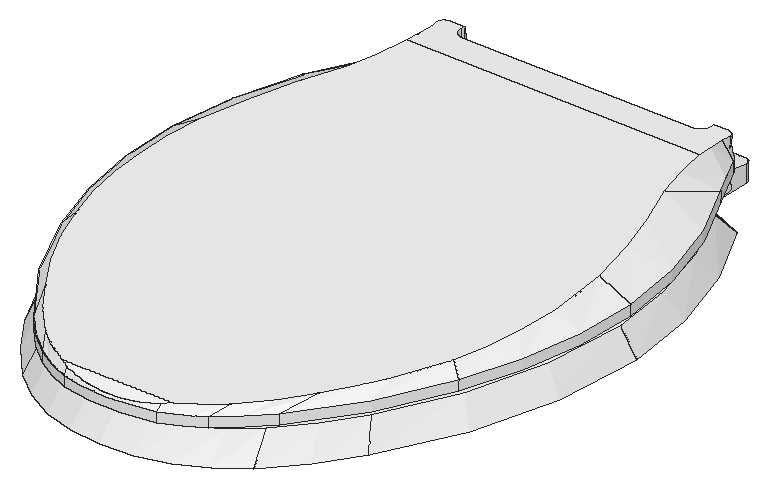
Revit family (continued)
Definition of nested family "4888_Base"
  Automatic sketch dimensions
    plane 7 to Extrusion 12 sketch curve = 0' - 0.86294"  (x2)
    Extrusion 12 sketch curve to Extrusion 12 sketch curve = 0' - 1.18152"  (x2)
    plane 7 to Extrusion 12 sketch curve = 0' - 0.2967"  (x2)
    Extrusion 12 sketch curve to Extrusion 12 sketch curve = 0' - 1.09181"  (x2)
    Extrusion 12 sketch curve to plane 3 "Center (Left/Right)" = 0' - 1.29463"
    Extrusion 12 sketch curve to plane 3 "Center (Left/Right)" = 0' - 0.01319"
    Extrusion 12 sketch curve to plane 3 "Center (Left/Right)" = 0' - 0"
    plane 5 to Extrusion 12 sketch curve = 0' - 2.99073"
    Extrusion 12 sketch curve to Extrusion 12 sketch curve = 0' - 0.25112"
    Extrusion 12 sketch curve to Extrusion 12 sketch curve = 0' - 0.66401"
    Extrusion 12 sketch curve to plane 1 "Center (Front/Back)" = 0' - 0.42305"  (x2)
    plane 5 to Extrusion 12 sketch curve = 0' - 1.81358"
    plane 5 to Extrusion 12 sketch curve = 0' - 1.24616"
    plane 5 to Extrusion 12 sketch curve = 0' - 0.35981"
    Extrusion 12 sketch curve to plane 5 = 0' - 4.53681"
    Extrusion 12 sketch curve to Extrusion 12 sketch curve = 0' - 1.1133"
    Extrusion 12 sketch curve to Extrusion 12 sketch curve = 0' - 1.09227"
    plane 1 "Center (Front/Back)" to Extrusion 12 sketch curve = 0' - 4.03378"  (x2)
    Extrusion 12 sketch curve to Extrusion 12 sketch curve = 0' - 0.08"  (x2)
    plane 3 "Center (Left/Right)" to Extrusion 12 sketch curve = 0' - 0.01319"
    Extrusion 13 sketch curve to plane 6 = 0' - 3.34016"
    Extrusion 13 sketch curve to Extrusion 13 sketch curve = 0' - 0.01333"
    Extrusion 13 sketch curve to Extrusion 13 sketch curve = 0' - 0.32461"
    Extrusion 13 sketch curve to Extrusion 13 sketch curve = 0' - 0.24701"
    Extrusion 13 sketch curve to Extrusion 13 sketch curve = 0' - 0.4821"
    level to Extrusion 13 sketch curve = 0' - 0 51/128"
    Extrusion 13 sketch curve to Extrusion 13 sketch curve = 0' - 0.04316"
    Extrusion 13 sketch curve to Extrusion 13 sketch curve = 0' - 0.60677"
    level to Extrusion 13 sketch curve = 0' - 0.5241"
    Extrusion 13 sketch curve to Extrusion 13 sketch curve = 0' - 0.65299"
    Extrusion 13 sketch curve to Extrusion 13 sketch curve = 0' - 0.2711"
    Extrusion 13 sketch curve to Extrusion 13 sketch curve = 0' - 0.17144"
    Masking region 1 sketch curve to plane 4 = 0' - 0"
    Masking region 1 sketch curve to plane 5 = 0' - 0"
    Masking region 1 sketch curve to plane 7 = 0' - 0"
    Masking region 1 sketch curve to plane 6 = 0' - 0"
    plane 6 to Masking region 2 sketch curve = 0' - 1.07519"  (x2)
    Masking region 2 sketch curve to plane 4 = 0' - 4.53709"
    plane 4 to Masking region 2 sketch curve = 0' - 0.01724"
    plane 4 to Masking region 2 sketch curve = 0' - 1.94131"
    Masking region 2 sketch curve to Masking region 2 sketch curve = 0' - 0"  (x6)
    Masking region 2 sketch curve to Masking region 2 sketch curve = 0' - 0.08485"  (x2)
    Masking region 2 sketch curve to Masking region 2 sketch curve = 0' - 0.00316"  (x2)
    Masking region 2 sketch curve to Masking region 2 sketch curve = 0' - 0.31199"
    Masking region 2 sketch curve to Masking region 2 sketch curve = 0' - 0.40118"  (x2)
    Masking region 2 sketch curve to Masking region 2 sketch curve = 0' - 0.24504"
    Masking region 2 sketch curve to Masking region 2 sketch curve = 0' - 0.00609"
    Masking region 2 sketch curve to Masking region 2 sketch curve = 0' - 0.06785"
    Masking region 2 sketch curve to Masking region 2 sketch curve = 0' - 0.51363"  (x2)
    Masking region 2 sketch curve to plane 6 = 0' - 0 11/128"
    Masking region 2 sketch curve to Masking region 2 sketch curve = 0' - 0.17924"
    plane 6 to Masking region 2 sketch curve = 0' - 0.00335"
    Masking region 2 sketch curve to Masking region 2 sketch curve = 0' - 0.16587"
    Masking region 2 sketch curve to Masking region 2 sketch curve = 0' - 0.49386"
    Masking region 2 sketch curve to Masking region 2 sketch curve = 0' - 0.0023"
    Masking region 2 sketch curve to Masking region 2 sketch curve = 0' - 0.56395"
    Masking region 2 sketch curve to Masking region 2 sketch curve = 0' - 0.00249"
    Masking region 2 sketch curve to Masking region 2 sketch curve = 0' - 0.15098"
    Masking region 2 sketch curve to plane 6 = 0' - 0.08616"
    Masking region 2 sketch curve to Masking region 2 sketch curve = 0' - 0.16625"
    Masking region 2 sketch curve to Masking region 2 sketch curve = 0' - 0.17909"
    plane 3 "Center (Left/Right)" to Masking region 2 sketch curve = 0' - 1.97148"
    Masking region 2 sketch curve to plane 6 = 0' - 0.1022"  (x2)
    Masking region 2 sketch curve to Masking region 2 sketch curve = 0' - 0.1715"
    plane 6 to Masking region 2 sketch curve = 0' - 0.00332"
    Masking region 2 sketch curve to Masking region 2 sketch curve = 0' - 0.26194"
    Masking region 2 sketch curve to plane 6 = 0' - 0.4843"
    Masking region 2 sketch curve to Masking region 2 sketch curve = 0' - 0.00248"  (x2)
    Masking region 2 sketch curve to Masking region 2 sketch curve = 0' - 0.59696"
    Masking region 2 sketch curve to Masking region 2 sketch curve = 0' - 0.04419"
    Masking region 2 sketch curve to Masking region 2 sketch curve = 0' - 0.26197"
    Masking region 2 sketch curve to Masking region 2 sketch curve = 0' - 0.17069"
    Masking region 2 sketch curve to Masking region 2 sketch curve = 0' - 0.06149"
    Masking region 2 sketch curve to Masking region 2 sketch curve = 0' - 0.0673"
    Masking region 2 sketch curve to Masking region 2 sketch curve = 0' - 0.25112"
    Masking region 2 sketch curve to plane 1 "Center (Front/Back)" = 0' - 0.45356"  (x2)
    plane 5 to Masking region 2 sketch curve = 0' - 1.97595"
    Masking region 2 sketch curve to plane 1 "Center (Front/Back)" = 0' - 0.98415"
    Masking region 2 sketch curve to Masking region 2 sketch curve = 0' - 1.33373"
    Masking region 2 sketch curve to Masking region 2 sketch curve = 0' - 0.10173"
    Masking region 2 sketch curve to Masking region 2 sketch curve = 0' - 0.12638"  (x2)
    Masking region 2 sketch curve to Masking region 2 sketch curve = 0' - 1 7/256"
    Masking region 2 sketch curve to Masking region 2 sketch curve = 0' - 0.00874"
    Masking region 2 sketch curve to Masking region 2 sketch curve = 0' - 0.00821"
    Masking region 2 sketch curve to Masking region 2 sketch curve = 0' - 0.31227"
    Masking region 2 sketch curve to Masking region 2 sketch curve = 0' - 0.10455"
    plane 5 to Masking region 2 sketch curve = 0' - 0.01724"
    plane 4 to Masking region 2 sketch curve = 0' - 0.46372"
    plane 5 to Masking region 2 sketch curve = 0' - 2.0397"
    plane 7 to Masking region 2 sketch curve = 0' - 3.45094"
    Masking region 2 sketch curve to Masking region 2 sketch curve = 0' - 1.50472"  (x2)
    plane 7 to Masking region 2 sketch curve = 0' - 1.3153"
    Masking region 2 sketch curve to Masking region 2 sketch curve = 0' - 1.67725"
    Masking region 2 sketch curve to plane 3 "Center (Left/Right)" = 0' - 3.4836"
    plane 3 "Center (Left/Right)" to Masking region 2 sketch curve = 0' - 0.002"
    Masking region 2 sketch curve to Masking region 2 sketch curve = 0' - 0.105"
    plane 4 to Masking region 2 sketch curve = 0' - 2.0397"
    Masking region 2 sketch curve to Masking region 2 sketch curve = 0' - 2.03064"
    plane 5 to Masking region 2 sketch curve = 0' - 0.46372"
    curve 35 to plane 6 = 0' - 2.12842"
    curve 35 to plane 4 = 0' - 7.94893"
    curve 35 to curve 34 = 0' - 2.31191"
    plane 1 "Center (Front/Back)" to curve 21 = 0' - 2.16184"
    curve 21 to plane 4 = 0' - 4.59086"
    curve 34 to curve 2 = 0' - 1.09993"
    plane 4 to curve 3 = 0' - 0.3598"
    curve 3 to curve 10 = 0' - 0.37824"
    plane 4 to curve 33 = 0' - 0.91176"
    plane 1 "Center (Front/Back)" to curve 31 = 0' - 0.5298"
    plane 4 to curve 31 = 0' - 1.02869"
    curve 31 to curve 32 = 0' - 0.03184"
    curve 10 to curve 32 = 0' - 0.48865"
    plane 4 to curve 3 = 0' - 1.24616"
    curve 10 to curve 11 = 0' - 0.51908"
    curve 3 to curve 32 = 0' - 0.34403"
    curve 11 to curve 12 = 0' - 0.55646"
    plane 4 to curve 36 = 0' - 1.87405"
    curve 33 to curve 30 = 0' - 0.97189"
    curve 36 to curve 2 = 0' - 0.20654"
    curve 12 to curve 23 = 0' - 0.45146"
    curve 2 to curve 34 = 0' - 0.33751"
    curve 23 to curve 22 = 0' - 0 43/128"
    curve 36 to curve 2 = 0' - 0.86528"
    curve 1 to curve 34 = 0' - 0.69501"
    curve 2 to curve 37 = 0' - 0.03851"
    curve 36 to curve 34 = 0' - 0.03738"
    curve 34 to curve 36 = 0' - 0.00002"
    curve 36 to curve 35 = 0' - 0"
    curve 2 to curve 38 = 0' - 0.29259"
    curve 38 to curve 37 = 0' - 0.00936"
    curve 37 to curve 41 = 0' - 0.02528"
    plane 4 to curve 31 = 0' - 3.06776"
    curve 30 to curve 29 = 0' - 0.02762"
    curve 41 to curve 41 = 0' - 0.36617"
    curve 38 to curve 42 = 0' - 0"
    curve 31 to curve 5 = 0' - 0.4031"
    curve 42 to curve 42 = 0' - 0.09069"
    curve 39 to curve 44 = 0' - 0.10102"
    curve 43 to curve 50 = 0' - 0.05178"
    curve 31 to curve 26 = 0' - 0.57627"
    curve 43 to curve 39 = 0' - 0.16907"
    curve 43 to curve 44 = 0' - 0.16935"
    curve 19 to curve 45 = 0' - 0.00056"
    curve 44 to curve 39 = 0' - 0.03871"
    curve 26 to curve 28 = 0' - 0.49293"
    curve 30 to curve 24 = 0' - 2.39488"
    curve 5 to curve 29 = 0' - 0.89051"
    curve 29 to curve 6 = 0' - 0.29101"
    curve 5 to curve 6 = 0' - 0"
    curve 6 to curve 28 = 0' - 0.82065"
    curve 29 to curve 28 = 0' - 0.22801"
    curve 26 to curve 7 = 0' - 0.04316"
    curve 9 to plane 3 "Center (Left/Right)" = 0' - 1.29463"
    curve 25 to plane 3 "Center (Left/Right)" = 0' - 0.19558"
    curve 27 to plane 3 "Center (Left/Right)" = 0' - 0.10296"
    curve 6 to plane 3 "Center (Left/Right)" = 0' - 0.01319"
    curve 7 to plane 3 "Center (Left/Right)" = 0' - 0"
    plane 3 "Center (Left/Right)" to curve 26 = 0' - 0"
    plane 3 "Center (Left/Right)" to curve 8 = 0' - 0.01319"
    plane 3 "Center (Left/Right)" to curve 28 = 0' - 0.10296"
    plane 3 "Center (Left/Right)" to curve 29 = 0' - 0.19557"
    plane 3 "Center (Left/Right)" to curve 5 = 0' - 1.29463"
    plane 7 to curve 8 = 0' - 0.2967"
    plane 3 "Center (Left/Right)" to curve 8 = 0' - 1.34956"
    curve 7 to curve 26 = 0' - 0.04314"
    curve 27 to curve 25 = 0' - 0.22803"
    curve 27 to curve 9 = 0' - 0.82065"
    curve 8 to curve 9 = 0' - 0"
    curve 9 to curve 24 = 0' - 0.29101"
    curve 5 to curve 30 = 0' - 1.52066"
    curve 25 to curve 27 = 0' - 0.2244"
    plane 3 "Center (Left/Right)" to curve 18 = 0' - 3.36128"
    curve 18 to curve 45 = 0' - 0.03844"
    curve 46 to curve 45 = 0' - 0"
    curve 18 to curve 46 = 0' - 0.03844"
    curve 45 to curve 19 = 0' - 0.00056"
    curve 46 to curve 49 = 0' - 0.13979"
    curve 47 to plane 6 = 0' - 1.92185"
    curve 49 to curve 47 = 0' - 0.02957"
    curve 50 to curve 48 = 0' - 0.04"
    curve 25 to curve 10 = 0' - 0.89051"
    curve 47 to curve 48 = 0' - 0.09059"
    curve 48 to curve 18 = 0' - 0.00028"
    curve 48 to curve 17 = 0' - 0.04126"
    curve 27 to curve 25 = 0' - 1.04158"
    curve 9 to curve 23 = 0' - 0.4031"
    curve 18 to curve 16 = 0' - 0.38209"
    curve 16 to curve 17 = 0' - 0.00936"
    curve 16 to curve 15 = 0' - 0.22605"
    curve 14 to curve 15 = 0' - 0"
    curve 15 to curve 20 = 0' - 0"
    curve 16 to curve 15 = 0' - 0.26345"
    curve 20 to curve 14 = 0' - 0.03963"
    curve 16 to curve 13 = 0' - 0.03823"
    plane 5 to curve 32 = 0' - 2.60099"
    curve 14 to curve 20 = 0' - 0.35787"
    curve 32 to curve 31 = 0' - 0 43/128"
    curve 20 to curve 12 = 0' - 0.7"
    plane 5 to curve 24 = 0' - 1.88367"
    curve 13 to curve 15 = 0' - 0.86304"
    curve 1 to plane 1 "Center (Front/Back)" = 0' - 0.42305"
    curve 31 to curve 1 = 0' - 0.45146"
    curve 24 to curve 23 = 0' - 0.29348"
    curve 1 to curve 3 = 0' - 0.55646"
    curve 22 to curve 11 = 0' - 0.34403"
    curve 3 to curve 21 = 0' - 0.03048"
    plane 1 "Center (Front/Back)" to curve 22 = 0' - 0.68512"
    curve 31 to curve 22 = 0' - 1.20451"
    curve 22 to curve 23 = 0' - 0.03184"
    curve 24 to curve 21 = 0' - 0.97197"
    curve 3 to curve 4 = 0' - 0.51908"
    plane 5 to curve 12 = 0' - 0.35981"
    plane 6 to curve 13 = 0' - 1.07519"
    curve 13 to plane 5 = 0' - 4.53681"
    curve 33 to plane 5 = 0' - 4.5865"
    curve 13 to curve 20 = 0' - 1.09484"
    curve 20 to curve 14 = 0' - 2.31728"
    curve 7 to curve 26 = 0' - 0.12979"
    curve 27 to curve 25 = 0' - 0.13273"
    curve 28 to curve 28 = 0' - 0.13272"
    curve 28 to curve 5 = 0' - 0.30372"
    curve 27 to curve 9 = 0' - 0.30372"
    curve 9 to curve 25 = 0' - 0.47352"
    curve 5 to curve 30 = 0' - 0.47352"
    curve 9 to curve 23 = 0' - 0.96308"
    curve 4 to curve 31 = 0' - 0.96308"
    curve 28 to curve 26 = 0' - 0.45746"
    curve 29 to curve 7 = 0' - 0.96342"
    curve 10 to curve 24 = 0' - 1.35468"
    curve 4 to curve 32 = 0' - 0.05297"
    curve 11 to curve 22 = 0' - 0.05297"
    plane 1 "Center (Front/Back)" to curve 33 = 0' - 2.16107"
    curve 32 to curve 31 = 0' - 0.15531"
    curve 12 to plane 1 "Center (Front/Back)" = 0' - 0.42305"
    curve 10 to curve 11 = 0' - 0.08"
    curve 4 to curve 3 = 0' - 0.08"
    curve 12 to curve 14 = 0' - 0.10235"
    curve 1 to curve 35 = 0' - 0.09411"
    curve 36 to curve 35 = 0' - 0.0004"
    curve 20 to curve 15 = 0' - 0.03274"
    curve 36 to curve 36 = 0' - 0.00672"
    curve 35 to curve 39 = 0' - 0.03265"
    curve 19 to curve 45 = 0' - 0.09522"
    curve 45 to curve 46 = 0' - 0"
    curve 19 to curve 44 = 0' - 0.09522"
    curve 37 to curve 37 = 0' - 0.06557"
    curve 16 to curve 15 = 0' - 0.06557"
    curve 44 to curve 39 = 0' - 0.05621"
    curve 36 to curve 2 = 0' - 0.06333"
    curve 18 to curve 48 = 0' - 0.05448"
    curve 40 to curve 42 = 0' - 0.05448"
    curve 42 to curve 43 = 0' - 0.00734"
    curve 43 to curve 50 = 0' - 0.10865"
    level to Extrusion 2 sketch curve = 0' - 1.1656"
    Extrusion 2 sketch curve to Extrusion 2 sketch curve = 0' - 0.46901"
    level to Extrusion 2 sketch curve = 0' - 0.84955"
    Extrusion 2 sketch curve to Extrusion 2 sketch curve = 0' - 0.16586"
    level to Extrusion 3 sketch curve = 0' - 0.84955"
    Extrusion 3 sketch curve to Extrusion 3 sketch curve = 0' - 0.20449"
    Extrusion 3 sketch curve to Extrusion 3 sketch curve = 0' - 0.14428"
    level to Extrusion 4 sketch curve = 0' - 1.1656"
    Extrusion 4 sketch curve to Extrusion 4 sketch curve = 0' - 0.46901"
    Extrusion 4 sketch curve to Extrusion 4 sketch curve = 0' - 0.18923"
    Extrusion 4 sketch curve to Extrusion 4 sketch curve = 0' - 0.06414"
    Extrusion 6 sketch curve to Extrusion 6 sketch curve = 0' - 0"
    Extrusion 6 sketch curve to Extrusion 6 sketch curve = 0' - 0.35065"
    level to Extrusion 6 sketch curve = 0' - 1.20865"
    Extrusion 6 sketch curve to Extrusion 6 sketch curve = 0' - 0.45188"
    Extrusion 6 sketch curve to Extrusion 6 sketch curve = 0' - 0.20476"
    level to Extrusion 11 sketch curve = 0' - 1.52179"
    Extrusion 11 sketch curve to Extrusion 11 sketch curve = 0' - 0.23014"
    level to Extrusion 11 sketch curve = 0' - 2.24828"
    Extrusion 13 sketch curve to Extrusion 13 sketch curve = 0' - 0.16428"
    Masking region 3 sketch curve to level = 0' - 0"
    Masking region 3 sketch curve to plane 4 = 0' - 0"
    plane 5 to Masking region 3 sketch curve = 0' - 0"
    Masking region 3 sketch curve to plane 8 = 0' - 0"
    Masking region 4 sketch curve to plane 8 = 0' - 0"
    Masking region 4 sketch curve to level = 0' - 0"
    plane 8 to Masking region 4 sketch curve = 0' - 0.02242"
    Masking region 4 sketch curve to plane 4 = 0' - 5.63702"
    Masking region 4 sketch curve to Masking region 4 sketch curve = 0' - 1.04615"
    plane 4 to Masking region 4 sketch curve = 0' - 0.01724"
    plane 4 to Masking region 4 sketch curve = 0' - 0.34831"
    Masking region 4 sketch curve to Masking region 4 sketch curve = 0' - 0.05489"
    Masking region 4 sketch curve to Masking region 4 sketch curve = 0' - 0.56345"
    Masking region 4 sketch curve to Masking region 4 sketch curve = 0' - 0.14877"
    Masking region 4 sketch curve to Masking region 4 sketch curve = 0' - 0.03803"
    Masking region 4 sketch curve to Masking region 4 sketch curve = 0' - 0.12813"
    Masking region 4 sketch curve to plane 8 = 0' - 0.0478"
    Masking region 4 sketch curve to Masking region 4 sketch curve = 0' - 1 49/256"
    Masking region 4 sketch curve to Masking region 4 sketch curve = 0' - 0.1829"
    Masking region 4 sketch curve to Masking region 4 sketch curve = 0' - 0.1746"  (x2)
    Masking region 4 sketch curve to Masking region 4 sketch curve = 0' - 0.45123"
    Masking region 4 sketch curve to Masking region 4 sketch curve = 0' - 0.51363"
    plane 3 "Center (Left/Right)" to Masking region 4 sketch curve = 0' - 3.53951"
    Masking region 4 sketch curve to Masking region 4 sketch curve = 0' - 0.50202"
    Masking region 4 sketch curve to Masking region 4 sketch curve = 0' - 0.23699"
    Masking region 4 sketch curve to Masking region 4 sketch curve = 0' - 0.03963"
    Masking region 4 sketch curve to Masking region 4 sketch curve = 0' - 0.18328"
    Masking region 4 sketch curve to plane 8 = 0' - 0.15313"
    Masking region 4 sketch curve to Masking region 4 sketch curve = 0' - 1.19108"
    Masking region 4 sketch curve to Masking region 4 sketch curve = 0' - 0.12553"
    Masking region 4 sketch curve to Masking region 4 sketch curve = 0' - 0.04058"
    Masking region 4 sketch curve to Masking region 4 sketch curve = 0' - 0.14884"
    plane 5 to Masking region 4 sketch curve = 0' - 0.40312"
    plane 5 to Masking region 4 sketch curve = 0' - 0.34831"
    plane 5 to Masking region 4 sketch curve = 0' - 0.01716"
    Masking region 4 sketch curve to plane 8 = 0' - 0.24471"
    Masking region 4 sketch curve to plane 5 = 0' - 4.5865"
    Masking region 4 sketch curve to Masking region 4 sketch curve = 0' - 1.04515"
    level to Masking region 4 sketch curve = 0' - 0.30505"
    Masking region 4 sketch curve to Masking region 4 sketch curve = 0' - 0.81313"
    Masking region 4 sketch curve to Masking region 4 sketch curve = 0' - 0.13389"  (x2)
    Masking region 4 sketch curve to Masking region 4 sketch curve = 0' - 0.29045"
    Masking region 4 sketch curve to Masking region 4 sketch curve = 0' - 0.29066"
    Masking region 4 sketch curve to Masking region 4 sketch curve = 0' - 0.26716"
    Masking region 4 sketch curve to Masking region 4 sketch curve = 0' - 0.0405"
    Masking region 4 sketch curve to Masking region 4 sketch curve = 0' - 0.15642"
    Masking region 4 sketch curve to Masking region 4 sketch curve = 0' - 0.94702"
    Masking region 4 sketch curve to Masking region 4 sketch curve = 0' - 0.30505"
    plane 4 to curve 54 = 0' - 0.34831"
    curve 53 to curve 54 = 0' - 0"  (x2)
    curve 56 to plane 8 = 0' - 0.20003"
    curve 53 to curve 56 = 0' - 0.68037"
    curve 56 to curve 55 = 0' - 0.03185"
    curve 55 to curve 55 = 0' - 0.15576"
    curve 55 to curve 56 = 0' - 0.75584"
    curve 55 to curve 56 = 0' - 1.10856"
    curve 55 to plane 8 = 0' - 0.20416"
    plane 5 to curve 55 = 0' - 2.60099"
    curve 55 to curve 56 = 0' - 0 43/128"
    plane 5 to curve 53 = 0' - 0.34831"
    curve 55 to curve 55 = 0' - 0.11751"
    curve 53 to plane 8 = 0' - 0.64872"
    curve 54 to curve 53 = 0' - 0.29045"
    curve 57 to curve 55 = 0' - 0.08849"
    curve 56 to curve 57 = 0' - 1.34107"
    curve 57 to plane 8 = 0' - 0.25894"
    curve 57 to curve 55 = 0' - 1.67746"
    curve 56 to curve 58 = 0' - 0.01469"
    curve 57 to curve 58 = 0' - 1.05217"
    plane 3 "Center (Left/Right)" to curve 58 = 0' - 0.19557"
    curve 58 to curve 57 = 0' - 0.01976"
    curve 59 to curve 57 = 0' - 1.19457"
    curve 60 to plane 3 "Center (Left/Right)" = 0' - 0.19557"
    curve 60 to curve 57 = 0' - 0.14332"
    curve 60 to curve 55 = 0' - 0.49439"
    curve 60 to curve 57 = 0' - 0.16065"
    curve 61 to curve 57 = 0' - 0.14324"
    curve 60 to curve 61 = 0' - 0.02943"
    curve 56 to curve 61 = 0' - 0.38138"
    curve 61 to curve 60 = 0' - 0.03831"
    curve 56 to curve 62 = 0' - 0.29291"
    curve 62 to curve 61 = 0' - 0.08848"
    curve 62 to plane 8 = 0' - 0.19998"
    curve 62 to curve 62 = 0' - 0.94345"
    curve 62 to curve 63 = 0' - 0 43/128"
    curve 63 to curve 62 = 0' - 0.18762"
    curve 63 to curve 62 = 0' - 0.03186"
    curve 63 to curve 62 = 0' - 0.00412"
    Masking region 5 sketch curve to plane 7 = 0' - 0"
    Masking region 5 sketch curve to level = 0' - 0"
    Masking region 5 sketch curve to plane 6 = 0' - 0"
    Masking region 5 sketch curve to plane 8 = 0' - 0"
    Masking region 6 sketch curve to plane 7 = 0' - 0"
    Masking region 6 sketch curve to plane 8 = 0' - 0"
    Masking region 6 sketch curve to level = 0' - 0"
    plane 7 to Masking region 6 sketch curve = 0' - 0.11794"
    Masking region 6 sketch curve to Masking region 6 sketch curve = 0' - 0.04525"
    Masking region 6 sketch curve to Masking region 6 sketch curve = 0' - 0.27262"
    Masking region 6 sketch curve to Masking region 6 sketch curve = 0' - 0.39603"
    Masking region 6 sketch curve to plane 8 = 0' - 0.93917"
    Masking region 6 sketch curve to plane 6 = 0' - 3.32683"
    Masking region 6 sketch curve to Masking region 6 sketch curve = 0' - 0.27221"
    level to Masking region 6 sketch curve = 0' - 0.30505"
    Masking region 6 sketch curve to Masking region 6 sketch curve = 0' - 0.66657"
    Masking region 6 sketch curve to plane 6 = 0' - 2.47717"
    Masking region 6 sketch curve to Masking region 6 sketch curve = 0' - 1.32456"
    Masking region 6 sketch curve to plane 8 = 0' - 0.59968"
    Masking region 6 sketch curve to Masking region 6 sketch curve = 0' - 0.00915"
    Masking region 6 sketch curve to Masking region 6 sketch curve = 0' - 0.01757"
    Masking region 6 sketch curve to Masking region 6 sketch curve = 0' - 0.037"
    level to Masking region 6 sketch curve = 0' - 0.52754"
    Masking region 6 sketch curve to Masking region 6 sketch curve = 0' - 0.08896"
    Masking region 6 sketch curve to Masking region 6 sketch curve = 0' - 0.00892"
    Masking region 6 sketch curve to Masking region 6 sketch curve = 0' - 0.11381"
    Masking region 6 sketch curve to Masking region 6 sketch curve = 0' - 0.12262"
    Masking region 6 sketch curve to plane 6 = 0' - 0.14624"
    Masking region 6 sketch curve to plane 6 = 0' - 0.13828"
    Masking region 6 sketch curve to plane 6 = 0' - 0.0706"
    Masking region 6 sketch curve to plane 6 = 0' - 0.03723"
    Masking region 6 sketch curve to plane 6 = 0' - 0.03379"
    Masking region 6 sketch curve to Masking region 6 sketch curve = 0' - 0"
    plane 6 to Masking region 6 sketch curve = 0' - 0 9/128"
    Masking region 6 sketch curve to level = 0' - 9.30344"
    level to Masking region 6 sketch curve = 0' - 0.10336"
    level to Masking region 6 sketch curve = 0' - 0.15186"
    Masking region 6 sketch curve to Masking region 6 sketch curve = 0' - 0.12464"
    Masking region 6 sketch curve to Masking region 6 sketch curve = 0' - 0.13389"
    Masking region 6 sketch curve to Masking region 6 sketch curve = 0' - 0.33949"
    Masking region 6 sketch curve to Masking region 6 sketch curve = 0' - 0.29045"
    Masking region 6 sketch curve to Masking region 6 sketch curve = 0' - 0.04904"
    Masking region 6 sketch curve to Masking region 6 sketch curve = 0' - 0.06527"
    Masking region 6 sketch curve to Masking region 6 sketch curve = 0' - 0.14414"
    curve 66 to level = 0' - 0"
    level to curve 67 = 0' - 0 51/128"
    curve 67 to plane 6 = 0' - 2.22995"
    level to curve 66 = 0' - 0.5241"
    curve 67 to curve 66 = 0' - 0.65299"
    curve 66 to curve 66 = 0' - 0.07342"
    curve 68 to curve 67 = 0' - 0.04316"
    curve 68 to curve 68 = 0' - 0.4821"
    curve 68 to curve 68 = 0' - 0.2711"
    level to curve 69 = 0' - 1.08062"
    curve 69 to curve 68 = 0' - 0.24701"
    curve 70 to curve 70 = 0' - 0.32461"
    curve 70 to curve 69 = 0' - 0.33794"
    curve 70 to curve 69 = 0' - 0.24682"
    plane 7 to curve 71 = 0' - 0.11794"
    curve 68 to curve 71 = 0' - 0.56977"
    Extrusion 14 sketch curve to plane 4 = 0' - 0"
    Extrusion 14 sketch curve to plane 5 = 0' - 0"
    Extrusion 14 sketch curve to plane 7 = 0' - 0"
    Extrusion 14 sketch curve to plane 6 = 0' - 0"
    radius of Extrusion 2 sketch curve = 0' - 0.2675"
    radius of Extrusion 4 sketch curve = 0' - 0.2675"
Types (12): name | Model | Finish
  (no name) | "4888-0" | Plastic-Kohler-0-White
  Plastic-0-White | "4888-0" | Plastic-Kohler-0-White
  Plastic-7-Black_Black | "4888-7" | Plastic-Kohler-7-Black Black
  Plastic-33-Mexican_Sand | "4888-33" | Plastic-Kohler-33-Mexican Sand
  Plastic-47-Almond | "4888-47" | Plastic-Kohler-47-Almond
  Plastic-55-Innocent_Blush | "4888-55" | Plastic-Kohler-55-Innocent Blush
  Plastic-58-Thunder_Grey | "4888-58" | Plastic-Kohler-58-Thunder Grey
  Plastic-95-Ice_Grey | "4888-95" | Plastic-Kohler-95-Ice Grey
  Plastic-96-Biscuit | "4888-96" | Plastic-Kohler-96-Biscuit
  Plastic-G9-Sandbar | "4888-G9" | Plastic-Kohler-G9-Sandbar
  Plastic-K4-Cashmere | "4888-K4" | Plastic-Kohler-K4-Cashmere
  Plastic-NY-Dune | "4888-NY" | Plastic-Kohler-NY-Dune
